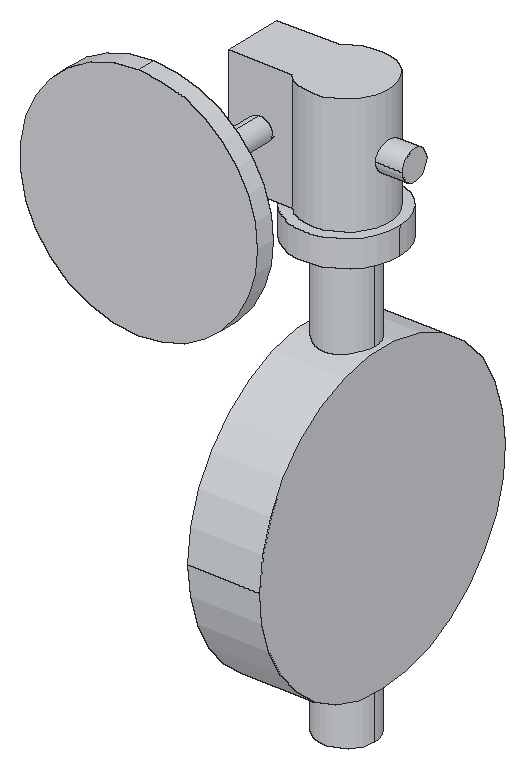
Revit family "HS497-68_disk-nerez_převodové kolo DN200-RFA_2019", category Pipe Accessories, Revit 2019
Family settings
  Round Connector Dimension = Use Diameter
  Part Type = Valve - Breaks Into
  Work Plane-Based = No
  Always vertical = Yes
  Cut with Voids When Loaded = No
  Shared = No
Parameters (values of type "HS 497-68_DN200_PN16_převodové kolo")
  magiProductId = "b2793cc1fcc44cf2a35062cd67c04f"
  magiProductFamilyId = "53cea81e6f374d17b8841d9c72ad77"
  magiPartTypeId = 305
  isMeasuringValve [instance] = no
  ang2D [instance] = 0.00°
  X11 = 61.456 mm
  X1 = 25.456 mm
  W2D = 1000 mm
  VersionID = "2.0/2017.9.26.1/ZETKAMA_497_001"
  Use Minimum Symbol Size [instance] = yes
  URL = "http://www.hydronic.cz"
  Type Comments = "mezipřírubová; nerezový disk; PN16; -10~+110°C (krátkodobě +120°C)"
  SW30 = yes
  SW3 = yes
  SW21 = no
  SW20 = no
  SW2 = no
  SW1 = no
  R = 100 mm
  QmdConnectorList = "301;D;302;D"
  Productdata [instance] = ""
  NC = 57 mm
  Manufacturer = "Hydronic Systems Prague s.r.o."
  MM20 = 25.456 mm
  MC Product Code = "126 200 (nerezový disk, s převodovým kolem; DN200; PN16, kvs2675)"
  M41 = 78.75 mm
  M4 = 52.5 mm
  LHL = 220 mm
  LHH3 = 2.45 mm
  LHH1 = 46.55 mm
  LH1 = 73.333 mm
  L4R__ve = -L4R  # -15.2 mm
  L4R = 15.2 mm
  L42__ve = -L42  # -114 mm
  L42 = 114 mm
  L41__ve = -L41  # -22.8 mm
  L41 = 22.8 mm
  L2D_Min = 3048 mm
  L2D = 216 mm
  L2 = 30 mm
  L1 = 48 mm
  L = 60 mm
  H = 33 mm
  G22 = 11.25 mm
  G2 = 22.5 mm
  G1 = 90 mm
  G = 90 mm
  F = 17 mm
  E44 = 50 mm
  E42 = 100 mm
  E4 = 200 mm
  E23 = 4.9 mm
  E22 = 19.6 mm
  E21 = 9.8 mm
  Description = "Mezipřírubová uzavírací klapka s převodovým kolem; nerezový disk, DN200; PN16; kvs2675"
  DR2 = 100 mm
  DR = 257 mm
  DD1 = 25 mm
  DD = 20 mm
  D = 200 mm
  CAT0 = yes
  B2__ve = -B2  # -70 mm
  B2 = 70 mm
  A2 = 22.5 mm
  A1 = 102.5 mm
Types (43, lengths in mm): name | magiProductId | X11 | X1 | Type Comments | SW30 | SW3 | SW20 | SW2 | SW1 | R | NC | Manufacturer | MM20 | MC Product Code | M41 | M4 | LHL | LHH3 | LHH1 | LH1 | L4R__ve | L4R | L42__ve | L42 | L41__ve | L41 | L2 | L1 | L | H | G | F | E44 | E42 | E4 | E23 | E22 | E21 | Description | DR2 | DR | DD1 | DD | D | B2__ve | B2 | A2 | A1
  HS 497-68_DN100_PN16_volné vřeteno | "65d1b245f4f142c78569c0602d5754" | 61.456 | 25.456 | "mezipřírubová; nerezový disk; PN16; -10~+110°C (krátkodobě +120°C)" | no | no | no | no | yes | 50 | 50 | "Hydronic Systems Prague s.r.o." | 25.456 | "124 100 (nerezový disk, s volným vřetenem; DN100; PN16, kvs512)" | 66 | 44 | 220 | 2.45 | 46.55 | 73.333 | -12.8 | 12.8 | -96 | 96 | -19.2 | 19.2 | 26 | 41.6 | 52 | 30 | 90 | 11 | 31.25 | 62.5 | 125 | 4.9 | 19.6 | 9.8 | "Mezipřírubová uzavírací klapka s volným vřetenem; nerezový disk, DN100; PN16; kvs512" | 50 | 147 | 15.625 | 12.5 | 100 | -56 | 56 | 16.5 | 98.5
  HS 497-68_DN100_PN16_převodové kolo | "11e91b807e674d428c8e796fcdcfe2" | 61.456 | 25.456 | "mezipřírubová; nerezový disk; PN16; -10~+110°C (krátkodobě +120°C)" | yes | yes | no | no | no | 50 | 50 | "Hydronic Systems Prague s.r.o." | 25.456 | "126 100 (nerezový disk, s převodovým kolem; DN100; PN16, kvs512)" | 65.25 | 43.5 | 220 | 2.45 | 46.55 | 73.333 | -12.8 | 12.8 | -96 | 96 | -19.2 | 19.2 | 26 | 41.6 | 52 | 30 | 90 | 11 | 31.25 | 62.5 | 125 | 4.9 | 19.6 | 9.8 | "Mezipřírubová uzavírací klapka s převodovým kolem; nerezový disk, DN100; PN16; kvs512" | 50 | 147 | 15.625 | 12.5 | 100 | -56 | 56 | 16.5 | 98.5
  HS 497-68_DN100_PN16_s pákou | "28172f0b3f4b47b28323ac71cf8749" | 61.456 | 25.456 | "mezipřírubová; nerezový disk; PN16; -10~+110°C (krátkodobě +120°C)" | no | no | yes | yes | no | 50 | 50 | "Hydronic Systems Prague s.r.o." | 25.456 | "121 100 (nerezový disk, s pákou; DN100; PN16, kvs512)" | 66 | 44 | 260 | 3 | 57 | 86.667 | -12.8 | 12.8 | -96 | 96 | -19.2 | 19.2 | 26 | 41.6 | 52 | 30 | 90 | 11 | 31.25 | 62.5 | 125 | 6 | 24 | 12 | "Mezipřírubová uzavírací klapka s pákou; nerezový disk, DN100; PN16; kvs512" | 50 | 147 | 15.625 | 12.5 | 100 | -56 | 56 | 16.5 | 98.5
  HS 497-68_DN125_PN16_volné vřeteno | "0d813d910fc14f628bb3c2efbd185c" | 61.456 | 25.456 | "mezipřírubová; nerezový disk; PN16; -10~+110°C (krátkodobě +120°C)" | no | no | no | no | yes | 62.5 | 50 | "Hydronic Systems Prague s.r.o." | 25.456 | "124 125 (nerezový disk, s volným vřetenem; DN125; PN16, kvs872)" | 66 | 44 | 220 | 2.45 | 46.55 | 73.333 | -12.8 | 12.8 | -96 | 96 | -19.2 | 19.2 | 28 | 44.8 | 56 | 33 | 90 | 14 | 31.25 | 62.5 | 125 | 4.9 | 19.6 | 9.8 | "Mezipřírubová uzavírací klapka s volným vřetenem; nerezový disk, DN125; PN16; kvs872" | 62.5 | 180 | 15.625 | 12.5 | 125 | -64 | 64 | 18 | 99.5
  HS 497-68_DN125_PN16_převodové kolo | "c56b7c13f372467684996fb1e0e229" | 61.456 | 25.456 | "mezipřírubová; nerezový disk; PN16; -10~+110°C (krátkodobě +120°C)" | yes | yes | no | no | no | 62.5 | 50 | "Hydronic Systems Prague s.r.o." | 25.456 | "126125 (nerezový disk, s převodovým kolem; DN125; PN16, kvs872)" | 65.25 | 43.5 | 220 | 2.45 | 46.55 | 73.333 | -13.5 | 13.5 | -101.25 | 101.25 | -20.25 | 20.25 | 28 | 44.8 | 56 | 33 | 90 | 14 | 40 | 80 | 160 | 4.9 | 19.6 | 9.8 | "Mezipřírubová uzavírací klapka s převodovým kolem; nerezový disk, DN125; PN16; kvs872" | 62.5 | 180 | 20 | 16 | 125 | -64 | 64 | 18 | 99.5
  HS 497-68_DN125_PN16_s pákou | "105993c79a91492399feef7931321a" | 61.456 | 25.456 | "mezipřírubová; nerezový disk; PN16; -10~+110°C (krátkodobě +120°C)" | no | no | yes | yes | no | 62.5 | 50 | "Hydronic Systems Prague s.r.o." | 25.456 | "121 125 (nerezový disk, s pákou; DN125; PN16, kvs872)" | 66 | 44 | 315 | 3.75 | 71.25 | 105 | -12.8 | 12.8 | -96 | 96 | -19.2 | 19.2 | 28 | 44.8 | 56 | 33 | 90 | 14 | 31.25 | 62.5 | 125 | 7.5 | 30 | 15 | "Mezipřírubová uzavírací klapka s pákou; nerezový disk, DN125; PN16; kvs872" | 62.5 | 180 | 15.625 | 12.5 | 125 | -64 | 64 | 18 | 99.5
  HS 497-68_DN150_PN16_volné vřeteno | "50c80cb8ab434f55ab7796e5ac1331" | 61.456 | 25.456 | "mezipřírubová; nerezový disk; PN16; -10~+110°C (krátkodobě +120°C)" | no | no | no | no | yes | 75 | 50 | "Hydronic Systems Prague s.r.o." | 25.456 | "124 150 (nerezový disk, s volným vřetenem; DN150; PN16, kvs1347)" | 66 | 44 | 220 | 2.45 | 46.55 | 73.333 | -12.8 | 12.8 | -96 | 96 | -19.2 | 19.2 | 28 | 44.8 | 56 | 33 | 90 | 14 | 31.25 | 62.5 | 125 | 4.9 | 19.6 | 9.8 | "Mezipřírubová uzavírací klapka s volným vřetenem; nerezový disk, DN150; PN16; kvs1347" | 75 | 206 | 15.625 | 12.5 | 150 | -58 | 58 | 19.3 | 98.7
  HS 497-68_DN150_PN16_převodové kolo | "d94a1a0cf83b476eb10011b327f709" | 61.456 | 25.456 | "mezipřírubová; nerezový disk; PN16; -10~+110°C (krátkodobě +120°C)" | yes | yes | no | no | no | 75 | 50 | "Hydronic Systems Prague s.r.o." | 25.456 | "126 150 (nerezový disk, s převodovým kolem; DN150; PN16, kvs1347)" | 65.25 | 43.5 | 220 | 2.45 | 46.55 | 73.333 | -13.5 | 13.5 | -101.25 | 101.25 | -20.25 | 20.25 | 28 | 44.8 | 56 | 33 | 90 | 14 | 40 | 80 | 160 | 4.9 | 19.6 | 9.8 | "Mezipřírubová uzavírací klapka s převodovým kolem; nerezový disk, DN150; PN16; kvs1347" | 75 | 206 | 20 | 16 | 150 | -58 | 58 | 19.3 | 98.7
  HS 497-68_DN150_PN16_s pákou | "4d2835523fe84828bc50ff0a5a0dfb" | 61.456 | 25.456 | "mezipřírubová; nerezový disk; PN16; -10~+110°C (krátkodobě +120°C)" | no | no | yes | yes | no | 75 | 50 | "Hydronic Systems Prague s.r.o." | 25.456 | "121 150 (nerezový disk, s pákou; DN150; PN16, kvs1347)" | 66 | 44 | 315 | 3.75 | 71.25 | 105 | -12.8 | 12.8 | -96 | 96 | -19.2 | 19.2 | 28 | 44.8 | 56 | 33 | 90 | 14 | 31.25 | 62.5 | 125 | 7.5 | 30 | 15 | "Mezipřírubová uzavírací klapka s pákou; nerezový disk, DN150; PN16; kvs1347" | 75 | 206 | 15.625 | 12.5 | 150 | -58 | 58 | 19.3 | 98.7
  HS 497-68_DN200_PN16_volné vřeteno | "5b29029eaeba47139ee1055a4b9201" | 61.456 | 25.456 | "mezipřírubová; nerezový disk; PN16; -10~+110°C (krátkodobě +120°C)" | no | no | no | no | yes | 100 | 50 | "Hydronic Systems Prague s.r.o." | 25.456 | "124 200 (nerezový disk, s volným vřetenem; DN200; PN16, kvs2675)" | 66 | 44 | 220 | 2.45 | 46.55 | 73.333 | -12.8 | 12.8 | -96 | 96 | -19.2 | 19.2 | 30 | 48 | 60 | 33 | 90 | 17 | 31.25 | 62.5 | 125 | 4.9 | 19.6 | 9.8 | "Mezipřírubová uzavírací klapka s volným vřetenem; nerezový disk, DN200; PN16; kvs2675" | 100 | 257 | 15.625 | 12.5 | 200 | -70 | 70 | 22.5 | 102.5
  HS 497-68_DN200_PN16_převodové kolo | "b2793cc1fcc44cf2a35062cd67c04f" | 61.456 | 25.456 | "mezipřírubová; nerezový disk; PN16; -10~+110°C (krátkodobě +120°C)" | yes | yes | no | no | no | 100 | 57 | "Hydronic Systems Prague s.r.o." | 25.456 | "126 200 (nerezový disk, s převodovým kolem; DN200; PN16, kvs2675)" | 78.75 | 52.5 | 220 | 2.45 | 46.55 | 73.333 | -15.2 | 15.2 | -114 | 114 | -22.8 | 22.8 | 30 | 48 | 60 | 33 | 90 | 17 | 50 | 100 | 200 | 4.9 | 19.6 | 9.8 | "Mezipřírubová uzavírací klapka s převodovým kolem; nerezový disk, DN200; PN16; kvs2675" | 100 | 257 | 25 | 20 | 200 | -70 | 70 | 22.5 | 102.5
  HS 497-68_DN200_PN16_s pákou | "f88d96c7af224537a51e72d7d8fffe" | 61.456 | 25.456 | "mezipřírubová; nerezový disk; PN16; -10~+110°C (krátkodobě +120°C)" | no | no | yes | yes | no | 100 | 50 | "Hydronic Systems Prague s.r.o." | 25.456 | "121 200 (nerezový disk, s pákou; DN200; PN16, kvs2675)" | 66 | 44 | 315 | 3.75 | 71.25 | 105 | -12.8 | 12.8 | -96 | 96 | -19.2 | 19.2 | 30 | 48 | 60 | 33 | 90 | 17 | 31.25 | 62.5 | 125 | 7.5 | 30 | 15 | "Mezipřírubová uzavírací klapka s pákou; nerezový disk, DN200; PN16; kvs2675" | 100 | 257 | 15.625 | 12.5 | 200 | -70 | 70 | 22.5 | 102.5
  HS 497-68_DN250_PN16_volné vřeteno | "b662e8305ca2402b9c510e66e6aa55" | 88.77 | 36.77 | "mezipřírubová; nerezový disk; PN16; -10~+110°C (krátkodobě +120°C)" | no | no | no | no | yes | 125 | 50 | "Hydronic Systems Prague s.r.o." | 36.77 | "124 250 (nerezový disk, s volným vřetenem; DN250; PN16, kvs4555)" | 66 | 44 | 220 | 2.45 | 46.55 | 73.333 | -12.8 | 12.8 | -96 | 96 | -19.2 | 19.2 | 34 | 54.4 | 68 | 23 | 130 | 22 | 31.25 | 62.5 | 125 | 4.9 | 19.6 | 9.8 | "Mezipřírubová uzavírací klapka s volným vřetenem; nerezový disk, DN250; PN16; kvs4555" | 125 | 324 | 15.625 | 12.5 | 250 | -85 | 85 | 28.25 | 129.25
  HS 497-68_DN250_PN16_převodové kolo | "5ee9016806664ddfaa2632711f295c" | 88.77 | 36.77 | "mezipřírubová; nerezový disk; PN16; -10~+110°C (krátkodobě +120°C)" | yes | yes | no | no | no | 125 | 70 | "Hydronic Systems Prague s.r.o." | 36.77 | "126 250 (nerezový disk, s převodovým kolem; DN250; PN16, kvs4555)" | 91.5 | 61 | 220 | 2.45 | 46.55 | 73.333 | -22.2 | 22.2 | -166.5 | 166.5 | -33.3 | 33.3 | 34 | 54.4 | 68 | 23 | 130 | 22 | 62.5 | 125 | 250 | 4.9 | 19.6 | 9.8 | "Mezipřírubová uzavírací klapka s převodovým kolem; nerezový disk, DN250; PN16; kvs4555" | 125 | 324 | 31.25 | 25 | 250 | -85 | 85 | 28.25 | 129.25
  HS 497-68_DN300_PN16_volné vřeteno | "e1886f51ff004380a649519258edf2" | 88.77 | 36.77 | "mezipřírubová; nerezový disk; PN16; -10~+110°C (krátkodobě +120°C)" | no | no | no | no | yes | 150 | 50 | "Hydronic Systems Prague s.r.o." | 36.77 | "124 300 (nerezový disk, s volným vřetenem; DN300; PN16, kvs7037)" | 66 | 44 | 220 | 2.45 | 46.55 | 73.333 | -12.8 | 12.8 | -96 | 96 | -19.2 | 19.2 | 39 | 62.4 | 78 | 23 | 130 | 22 | 31.25 | 62.5 | 125 | 4.9 | 19.6 | 9.8 | "Mezipřírubová uzavírací klapka s volným vřetenem; nerezový disk, DN300; PN16; kvs7037" | 150 | 376 | 15.625 | 12.5 | 300 | -90 | 90 | 30.8 | 127.2
  HS 497-68_DN300_PN16_převodové kolo | "6860f094f77d42088fbebc3c97f755" | 88.77 | 36.77 | "mezipřírubová; nerezový disk; PN16; -10~+110°C (krátkodobě +120°C)" | yes | yes | no | no | no | 150 | 70 | "Hydronic Systems Prague s.r.o." | 36.77 | "126 300 (nerezový disk, s převodovým kolem; DN300; PN16, kvs7037)" | 91.5 | 61 | 220 | 2.45 | 46.55 | 73.333 | -22.2 | 22.2 | -166.5 | 166.5 | -33.3 | 33.3 | 39 | 62.4 | 78 | 23 | 130 | 22 | 62.5 | 125 | 250 | 4.9 | 19.6 | 9.8 | "Mezipřírubová uzavírací klapka s převodovým kolem; nerezový disk, DN300; PN16; kvs7037" | 150 | 376 | 31.25 | 25 | 300 | -90 | 90 | 30.8 | 127.2
  HS 497-68_DN032_PN16_volné vřeteno | "8c5f65de52aa4067a77564107e31b2" | 61.456 | 25.456 | "mezipřírubová; nerezový disk; PN16; -10~+110°C (krátkodobě +120°C)" | no | no | no | no | yes | 16 | 50 | "Hydronic Systems Prague s.r.o." | 25.456 | "124 032 (nerezový disk, s volným vřetenem; DN32; PN16, kvs78)" | 66 | 44 | 220 | 2.45 | 46.55 | 73.333 | -12.8 | 12.8 | -96 | 96 | -19.2 | 19.2 | 16.5 | 26.4 | 33 | 30 | 90 | 11 | 31.25 | 62.5 | 125 | 4.9 | 19.6 | 9.8 | "Mezipřírubová uzavírací klapka s volným vřetenem; nerezový disk, DN32; PN16; kvs78" | 16 | 68 | 15.625 | 12.5 | 32 | -44.2 | 44.2 | 10.25 | 76.25
  HS 497-68_DN032_PN16_převodové kolo | "60aaeffa8b3a4e809ef000e4660060" | 61.456 | 25.456 | "mezipřírubová; nerezový disk; PN16; -10~+110°C (krátkodobě +120°C)" | yes | yes | no | no | no | 16 | 50 | "Hydronic Systems Prague s.r.o." | 25.456 | "126 032 (nerezový disk, s převodovým kolem; DN32; PN16, kvs78)" | 65.25 | 43.5 | 220 | 2.45 | 46.55 | 73.333 | -12.8 | 12.8 | -96 | 96 | -19.2 | 19.2 | 16.5 | 26.4 | 33 | 30 | 90 | 11 | 31.25 | 62.5 | 125 | 4.9 | 19.6 | 9.8 | "Mezipřírubová uzavírací klapka s převodovým kolem; nerezový disk, DN32; PN16; kvs78" | 16 | 68 | 15.625 | 12.5 | 32 | -44.2 | 44.2 | 10.25 | 76.25
  HS 497-68_DN032_PN16_s pákou | "9ad8088d610749a1b871aa2aad8007" | 61.456 | 25.456 | "mezipřírubová; nerezový disk; PN16; -10~+110°C (krátkodobě +120°C)" | no | no | yes | yes | no | 16 | 50 | "Hydronic Systems Prague s.r.o." | 25.456 | "121 032 (nerezový disk, s pákou; DN32; PN16, kvs78)" | 66 | 44 | 220 | 2.45 | 46.55 | 73.333 | -12.8 | 12.8 | -96 | 96 | -19.2 | 19.2 | 16.5 | 26.4 | 33 | 30 | 90 | 11 | 31.25 | 62.5 | 125 | 4.9 | 19.6 | 9.8 | "Mezipřírubová uzavírací klapka s pákou; nerezový disk, DN32; PN16; kvs78" | 16 | 68 | 15.625 | 12.5 | 32 | -44.2 | 44.2 | 10.25 | 76.25
  HS 497-68_DN350_PN10_volné vřeteno | "72a1e05f22944421b7e9596a877137" | 109.255 | 45.255 | "mezipřírubová; nerezový disk; PN10; -10~+110°C (krátkodobě +120°C)" | no | no | no | no | yes | 175 | 50 | "Hydronic Systems Prague s.r.o." | 45.255 | "124 350 (nerezový disk, s volným vřetenem; DN350; PN10, kvs10165)" | 66 | 44 | 220 | 2.45 | 46.55 | 73.333 | -12.8 | 12.8 | -96 | 96 | -19.2 | 19.2 | 39 | 62.4 | 78 | 31 | 160 | 22 | 31.25 | 62.5 | 125 | 4.9 | 19.6 | 9.8 | "Mezipřírubová uzavírací klapka s volným vřetenem; nerezový disk, DN350; PN10; kvs10165" | 175 | 430 | 15.625 | 12.5 | 350 | -88 | 88 | 33.85 | 129.65
  HS 497-68_DN350_PN10_převodové kolo | "a5a01426cb28494ba3afca92f1dace" | 109.255 | 45.255 | "mezipřírubová; nerezový disk; PN10; -10~+110°C (krátkodobě +120°C)" | yes | yes | no | no | no | 175 | 70 | "Hydronic Systems Prague s.r.o." | 45.255 | "126 350 (nerezový disk, s převodovým kolem; DN350; PN10, kvs10165)" | 91.5 | 61 | 220 | 2.45 | 46.55 | 73.333 | -22.2 | 22.2 | -166.5 | 166.5 | -33.3 | 33.3 | 39 | 62.4 | 78 | 31 | 160 | 22 | 62.5 | 125 | 250 | 4.9 | 19.6 | 9.8 | "Mezipřírubová uzavírací klapka s převodovým kolem; nerezový disk, DN350; PN10; kvs10165" | 175 | 430 | 31.25 | 25 | 350 | -88 | 88 | 33.85 | 129.65
  HS 497-68_DN400_PN10_volné vřeteno | "c70ebeb927c04ab99b176e257ad0a7" | 109.255 | 45.255 | "mezipřírubová; nerezový disk; PN10; -10~+110°C (krátkodobě +120°C)" | no | no | no | no | yes | 200 | 50 | "Hydronic Systems Prague s.r.o." | 45.255 | "124 400 (nerezový disk, s volným vřetenem; DN400; PN10, kvs13799)" | 66 | 44 | 220 | 2.45 | 46.55 | 73.333 | -12.8 | 12.8 | -96 | 96 | -19.2 | 19.2 | 51 | 81.6 | 102 | 31 | 160 | 27 | 31.25 | 62.5 | 125 | 4.9 | 19.6 | 9.8 | "Mezipřírubová uzavírací klapka s volným vřetenem; nerezový disk, DN400; PN10; kvs13799" | 200 | 485 | 15.625 | 12.5 | 400 | -108 | 108 | 38 | 142
  HS 497-68_DN400_PN10_převodové kolo | "cc64a4384dcb41b780d81810f4f293" | 109.255 | 45.255 | "mezipřírubová; nerezový disk; PN10; -10~+110°C (krátkodobě +120°C)" | yes | yes | no | no | no | 200 | 72.5 | "Hydronic Systems Prague s.r.o." | 45.255 | "126 400 (nerezový disk, s převodovým kolem; DN400; PN10, kvs13799)" | 103.5 | 69 | 220 | 2.45 | 46.55 | 73.333 | -27.8 | 27.8 | -208.5 | 208.5 | -41.7 | 41.7 | 51 | 81.6 | 102 | 31 | 160 | 27 | 75 | 150 | 300 | 4.9 | 19.6 | 9.8 | "Mezipřírubová uzavírací klapka s převodovým kolem; nerezový disk, DN400; PN10; kvs13799" | 200 | 485 | 37.5 | 30 | 400 | -108 | 108 | 38 | 142
  HS 497-68_DN040_PN16_volné vřeteno | "35f92312390745e88df5b5c325d9ee" | 61.456 | 25.456 | "mezipřírubová; nerezový disk; PN16; -10~+110°C (krátkodobě +120°C)" | no | no | no | no | yes | 20 | 50 | "Hydronic Systems Prague s.r.o." | 25.456 | "124 040 (nerezový disk, s volným vřetenem; DN40; PN16, kvs78)" | 66 | 44 | 220 | 2.45 | 46.55 | 73.333 | -12.8 | 12.8 | -96 | 96 | -19.2 | 19.2 | 16.5 | 26.4 | 33 | 30 | 90 | 11 | 31.25 | 62.5 | 125 | 4.9 | 19.6 | 9.8 | "Mezipřírubová uzavírací klapka s volným vřetenem; nerezový disk, DN40; PN16; kvs78" | 20 | 76 | 15.625 | 12.5 | 40 | -36 | 36 | 11 | 79
  HS 497-68_DN040_PN16_převodové kolo | "d88e968eae3445bc9b7b4e6ff35127" | 61.456 | 25.456 | "mezipřírubová; nerezový disk; PN16; -10~+110°C (krátkodobě +120°C)" | yes | yes | no | no | no | 20 | 50 | "Hydronic Systems Prague s.r.o." | 25.456 | "126 040 (nerezový disk, s převodovým kolem; DN40; PN16, kvs78)" | 65.25 | 43.5 | 220 | 2.45 | 46.55 | 73.333 | -12.8 | 12.8 | -96 | 96 | -19.2 | 19.2 | 16.5 | 26.4 | 33 | 30 | 90 | 11 | 31.25 | 62.5 | 125 | 4.9 | 19.6 | 9.8 | "Mezipřírubová uzavírací klapka s převodovým kolem; nerezový disk, DN40; PN16; kvs78" | 20 | 76 | 15.625 | 12.5 | 40 | -36 | 36 | 11 | 79
  HS 497-68_DN040_PN16_s pákou | "c1b522ca65b4407a98818f232eaacb" | 61.456 | 25.456 | "mezipřírubová; nerezový disk; PN16; -10~+110°C (krátkodobě +120°C)" | no | no | yes | yes | no | 20 | 50 | "Hydronic Systems Prague s.r.o." | 25.456 | "121 040 (nerezový disk, s pákou; DN40; PN16, kvs78)" | 66 | 44 | 220 | 2.45 | 46.55 | 73.333 | -12.8 | 12.8 | -96 | 96 | -19.2 | 19.2 | 16.5 | 26.4 | 33 | 30 | 90 | 11 | 31.25 | 62.5 | 125 | 4.9 | 19.6 | 9.8 | "Mezipřírubová uzavírací klapka s pákou; nerezový disk, DN40; PN16; kvs78" | 20 | 76 | 15.625 | 12.5 | 40 | -36 | 36 | 11 | 79
  HS 497-68_DN450_PN10_volné vřeteno | "a8358bc282f14872b3194e530e590a" | 129.74 | 53.74 | "mezipřírubová; nerezový disk; PN10; -10~+110°C (krátkodobě +120°C)" | no | no | no | no | yes | 225 | 50 | "Hydronic Systems Prague s.r.o." | 53.74 | "124 450 (nerezový disk, s volným vřetenem; DN450; PN10, kvs18514)" | 66 | 44 | 220 | 2.45 | 46.55 | 73.333 | -12.8 | 12.8 | -96 | 96 | -19.2 | 19.2 | 57 | 91.2 | 114 | 38 | 190 | 36 | 31.25 | 62.5 | 125 | 4.9 | 19.6 | 9.8 | "Mezipřírubová uzavírací klapka s volným vřetenem; nerezový, DN450; PN10; kvs18514" | 225 | 536 | 15.625 | 12.5 | 450 | -115 | 115 | 38.05 | 117.45
  HS 497-68_DN450_PN10_převodové kolo | "cdf2d80f54a9414f9cbe50647c0ebd" | 129.74 | 53.74 | "mezipřírubová; nerezový disk; PN10; -10~+110°C (krátkodobě +120°C)" | yes | yes | no | no | no | 225 | 91.5 | "Zetkama" | 53.74 | "126 450 (nerezový disk, s převodovým kolem; DN450; PN10, kvs18514)" | 144.75 | 96.5 | 220 | 2.45 | 46.55 | 73.333 | -32.1 | 32.1 | -240.75 | 240.75 | -48.15 | 48.15 | 57 | 91.2 | 114 | 38 | 190 | 36 | 100 | 200 | 400 | 4.9 | 19.6 | 9.8 | "Mezipřírubová uzavírací klapka s převodovým kolem; nerezový disk, DN450; PN10; kvs18514" | 225 | 536 | 50 | 40 | 450 | -115 | 115 | 38.05 | 117.45
  HS 497-68_DN500_PN10_volné vřeteno | "8c396e27bb2743f98f3c762b6517cd" | 143.397 | 59.397 | "mezipřírubová; nerezový disk; PN10; -10~+110°C (krátkodobě +120°C)" | no | no | no | no | yes | 250 | 50 | "Hydronic Systems Prague s.r.o." | 59.397 | "124 500 (nerezový disk, s volným vřetenem; DN500; PN10, kvs23805)" | 66 | 44 | 220 | 2.45 | 46.55 | 73.333 | -12.8 | 12.8 | -96 | 96 | -19.2 | 19.2 | 63.5 | 101.6 | 127 | 38 | 210 | 36 | 31.25 | 62.5 | 125 | 4.9 | 19.6 | 9.8 | "Mezipřírubová uzavírací klapka s volným vřetenem; nerezový disk, DN500; PN10; kvs23805" | 250 | 593 | 15.625 | 12.5 | 500 | -130 | 130 | 43.25 | 139.25
  HS 497-68_DN500_PN10_převodové kolo | "7647804f32e94cef828a7034a91a46" | 143.397 | 59.397 | "mezipřírubová; nerezový disk; PN10; -10~+110°C (krátkodobě +120°C)" | yes | yes | no | no | no | 250 | 91.5 | "Zetkama" | 59.397 | "126 500 (nerezový disk, s převodovým kolem; DN500; PN10, kvs23805)" | 144.75 | 96.5 | 220 | 2.45 | 46.55 | 73.333 | -32.1 | 32.1 | -240.75 | 240.75 | -48.15 | 48.15 | 63.5 | 101.6 | 127 | 38 | 210 | 36 | 100 | 200 | 400 | 4.9 | 19.6 | 9.8 | "Mezipřírubová uzavírací klapka s převodovým kolem; nerezový disk, DN500; PN10; kvs23805" | 250 | 593 | 50 | 40 | 500 | -130 | 130 | 43.25 | 139.25
  HS 497-68_DN050_volné vřeteno | "d71f296ecd6d4adf8f6e5d9853b4e0" | 61.456 | 25.456 | "mezipřírubová; nerezový disk; PN16; -10~+110°C (krátkodobě +120°C)" | no | no | no | no | yes | 25 | 50 | "Hydronic Systems Prague s.r.o." | 25.456 | "124 050 (nerezový disk, s volným vřetenem; DN50; PN16, kvs98)" | 66 | 44 | 220 | 2.45 | 46.55 | 73.333 | -12.8 | 12.8 | -96 | 96 | -19.2 | 19.2 | 21.5 | 34.4 | 43 | 30 | 90 | 11 | 31.25 | 62.5 | 125 | 4.9 | 19.6 | 9.8 | "Mezipřírubová uzavírací klapka s volným vřetenem; nerezový disk, DN50; PN16; kvs98" | 25 | 100 | 15.625 | 12.5 | 50 | -36.5 | 36.5 | 12 | 83
  HS 497-68_DN050_PN16_převodové kolo | "2fb080deeaed49c58418b94c1da5a4" | 61.456 | 25.456 | "mezipřírubová; nerezový disk; PN16; -10~+110°C (krátkodobě +120°C)" | yes | yes | no | no | no | 25 | 50 | "Hydronic Systems Prague s.r.o." | 25.456 | "126 050 (nerezový disk, s převodovým kolem; DN50; PN16, kvs98)" | 65.25 | 43.5 | 220 | 2.45 | 46.55 | 73.333 | -12.8 | 12.8 | -96 | 96 | -19.2 | 19.2 | 21.5 | 34.4 | 43 | 30 | 90 | 11 | 31.25 | 62.5 | 125 | 4.9 | 19.6 | 9.8 | "Mezipřírubová uzavírací klapka s převodovým kolem; nerezový disk, DN50; PN16; kvs98" | 25 | 100 | 15.625 | 12.5 | 50 | -36.5 | 36.5 | 12 | 83
  HS 497-68_DN050_PN16_s pákou | "dabc632061f94877a994b9b4e68112" | 61.456 | 25.456 | "mezipřírubová; nerezový disk; PN16; -10~+110°C (krátkodobě +120°C)" | no | no | yes | yes | no | 25 | 50 | "Hydronic Systems Prague s.r.o." | 25.456 | "121 050 (nerezový disk, s pákou; DN50; PN16, kvs98)" | 66 | 44 | 220 | 2.45 | 46.55 | 73.333 | -12.8 | 12.8 | -96 | 96 | -19.2 | 19.2 | 21.5 | 34.4 | 43 | 30 | 90 | 11 | 31.25 | 62.5 | 125 | 4.9 | 19.6 | 9.8 | "Mezipřírubová uzavírací klapka s pákou; nerezový disk, DN50; PN16; kvs98" | 25 | 100 | 15.625 | 12.5 | 50 | -36.5 | 36.5 | 12 | 83
  HS 497-68_DN600_PN10_volné vřeteno | "99d5892c14664fce81a7c5903f7711" | 143.397 | 59.397 | "mezipřírubová; nerezový disk; PN10; -10~+110°C (krátkodobě +120°C)" | no | no | no | no | yes | 300 | 50 | "Hydronic Systems Prague s.r.o." | 59.397 | "124 600 (nerezový disk, s volným vřetenem; DN600; PN10, kvs36778)" | 66 | 44 | 220 | 2.45 | 46.55 | 73.333 | -12.8 | 12.8 | -96 | 96 | -19.2 | 19.2 | 77 | 123.2 | 154 | 80 | 210 | 60 | 31.25 | 62.5 | 125 | 4.9 | 19.6 | 9.8 | "Mezipřírubová uzavírací klapka s volným vřetenem; nerezový disk, DN600; PN10; kvs36788" | 300 | 690 | 15.625 | 12.5 | 600 | -140 | 140 | 49.4 | 144.6
  HS 497-68_DN600_PN10_převodové kolo | "b1e26faab48a4c499f6bb11e7e3002" | 143.397 | 59.397 | "mezipřírubová; lnerezový disk; PN10; -10~+110°C (krátkodobě +120°C)" | yes | yes | no | no | no | 300 | 140 | "Hydronic Systems Prague s.r.o." | 59.397 | "126 600 (nerezový disk, s převodovým kolem; DN600; PN10, kvs36778)" | 206.25 | 137.5 | 220 | 2.45 | 46.55 | 73.333 | -40.8 | 40.8 | -306 | 306 | -61.2 | 61.2 | 77 | 123.2 | 154 | 80 | 210 | 60 | 125 | 250 | 500 | 4.9 | 19.6 | 9.8 | "Mezipřírubová uzavírací klapka s převodovým kolem; nerezový disk, DN600; PN10; kvs36788" | 300 | 690 | 62.5 | 50 | 600 | -140 | 140 | 49.4 | 144.6
  HS 497-68_DN065_PN16_volné vřeteno | "5e5e208646e34ec29f889baab5d08e" | 61.456 | 25.456 | "mezipřírubová; lnerezový disk; PN16; -10~+110°C (krátkodobě +120°C)" | no | no | no | no | yes | 32.5 | 50 | "Hydronic Systems Prague s.r.o." | 25.456 | "124 065 (nerezový disk, s volným vřetenem; DN65; PN16, kvs167)" | 66 | 44 | 220 | 2.45 | 46.55 | 73.333 | -12.8 | 12.8 | -96 | 96 | -19.2 | 19.2 | 23 | 36.8 | 46 | 30 | 90 | 11 | 31.25 | 62.5 | 125 | 4.9 | 19.6 | 9.8 | "Mezipřírubová uzavírací klapka s volným vřetenem; nerezový disk, DN65; PN16; kv167" | 32.5 | 108 | 15.625 | 12.5 | 65 | -36.5 | 36.5 | 13.5 | 89
  HS 497-68_DN065_PN16_převodové kolo | "654d74c8d15540b0bfe523d988ccb3" | 61.456 | 25.456 | "mezipřírubová; nerezový disk; PN16; -10~+110°C (krátkodobě +120°C)" | yes | yes | no | no | no | 32.5 | 50 | "Hydronic Systems Prague s.r.o." | 25.456 | "126 065 (nerezový disk, s převodovým kolem; DN65; PN16, kvs167)" | 65.25 | 43.5 | 220 | 2.45 | 46.55 | 73.333 | -12.8 | 12.8 | -96 | 96 | -19.2 | 19.2 | 23 | 36.8 | 46 | 30 | 90 | 11 | 31.25 | 62.5 | 125 | 4.9 | 19.6 | 9.8 | "Mezipřírubová uzavírací klapka s převodovým kolem; nerezový disk, DN65; PN16; kvs167" | 32.5 | 108 | 15.625 | 12.5 | 65 | -36.5 | 36.5 | 13.5 | 89
  HS 497-68_DN065_PN16_s pákou | "ebeb4b59db0641caaf6d6635ab37b9" | 61.456 | 25.456 | "mezipřírubová; nerezový disk; PN16; -10~+110°C (krátkodobě +120°C)" | no | no | yes | yes | no | 32.5 | 50 | "Hydronic Systems Prague s.r.o." | 25.456 | "121 065 (nerezový disk, s pákou; DN65; PN16, kvs167)" | 66 | 44 | 220 | 2.45 | 46.55 | 73.333 | -12.8 | 12.8 | -96 | 96 | -19.2 | 19.2 | 23 | 36.8 | 46 | 30 | 90 | 11 | 31.25 | 62.5 | 125 | 4.9 | 19.6 | 9.8 | "Mezipřírubová uzavírací klapka s pákou; nerezový disk, DN65; PN16; kvs167" | 32.5 | 108 | 15.625 | 12.5 | 65 | -36.5 | 36.5 | 13.5 | 89
  HS 497-68_DN080_PN16_volné vřeteno | "9e85c75c18654e1185a9c48ed6b00e" | 61.456 | 25.456 | "mezipřírubová; nerezový disk; PN16; -10~+110°C (krátkodobě +120°C)" | no | no | no | no | yes | 40 | 50 | "Hydronic Systems Prague s.r.o." | 25.456 | "124 080 (nerezový disk, s volným vřetenem; DN80; PN16, kvs258)" | 66 | 44 | 220 | 2.45 | 46.55 | 73.333 | -12.8 | 12.8 | -96 | 96 | -19.2 | 19.2 | 23 | 36.8 | 46 | 30 | 90 | 11 | 31.25 | 62.5 | 125 | 4.9 | 19.6 | 9.8 | "Mezipřírubová uzavírací klapka s volným vřetenem; nerezový disk, DN80; PN16; kvs258" | 40 | 124 | 15.625 | 12.5 | 80 | -54 | 54 | 14.1 | 86.9
  HS 497-68_DN080_PN16_převodové kolo | "5b3c8238c3d041e68c75b199e7ea46" | 61.456 | 25.456 | "mezipřírubová; nerezový disk; PN16; -10~+110°C (krátkodobě +120°C)" | yes | yes | no | no | no | 40 | 50 | "Hydronic Systems Prague s.r.o." | 25.456 | "126 080 (nerezový disk, s převodovým kolem; DN80; PN16, kvs258)" | 65.25 | 43.5 | 220 | 2.45 | 46.55 | 73.333 | -12.8 | 12.8 | -96 | 96 | -19.2 | 19.2 | 23 | 36.8 | 46 | 30 | 90 | 11 | 31.25 | 62.5 | 125 | 4.9 | 19.6 | 9.8 | "Mezipřírubová uzavírací klapka s převodovým kolem; nerezový disk, DN80; PN16; kvs258" | 40 | 124 | 15.625 | 12.5 | 80 | -54 | 54 | 14.1 | 86.9
  HS 497-68_DN080_PN16_s pákou | "e414795fab0f4eccb99bc3572c5477" | 61.456 | 25.456 | "mezipřírubová; nerezový disk; PN16; -10~+110°C (krátkodobě +120°C)" | no | no | yes | yes | no | 40 | 50 | "Hydronic Systems Prague s.r.o." | 25.456 | "121 080 (nerezový disk, s pákou; DN80; PN16, kvs258)" | 66 | 44 | 260 | 3 | 57 | 86.667 | -12.8 | 12.8 | -96 | 96 | -19.2 | 19.2 | 23 | 36.8 | 46 | 30 | 90 | 11 | 31.25 | 62.5 | 125 | 6 | 24 | 12 | "Mezipřírubová uzavírací klapka s pákou; nerezový disk, DN80; PN16; kvs258" | 40 | 124 | 15.625 | 12.5 | 80 | -54 | 54 | 14.1 | 86.9
  HS 497-68_DN250_PN16_s pákou | "" | 88.77 | 36.77 | "mezipřírubová; nerezový disk; PN16; -10~+110°C (krátkodobě +120°C)" | no | no | yes | yes | no | 125 | 70 | "Hydronic Systems Prague s.r.o." | 36.77 | "121 250 (nerezový disk, s ákou; DN250; PN16, kvs4555)" | 91.5 | 61 | 220 | 2.45 | 46.55 | 73.333 | -22.2 | 22.2 | -166.5 | 166.5 | -33.3 | 33.3 | 34 | 54.4 | 68 | 23 | 130 | 22 | 62.5 | 125 | 250 | 4.9 | 19.6 | 9.8 | "Mezipřírubová uzavírací klapka s pákou; nerezový disk, DN250; PN16; kvs4555" | 125 | 324 | 31.25 | 25 | 250 | -85 | 85 | 28.25 | 129.25
  HS 497-68_DN300_PN16_s pákou | "" | 88.77 | 36.77 | "mezipřírubová; nerezový disk; PN16; -10~+110°C (krátkodobě +120°C)" | no | no | yes | yes | no | 150 | 70 | "Hydronic Systems Prague s.r.o." | 36.77 | "121 300 (nerezový disk, s pákou; DN300; PN16, kvs7037)" | 91.5 | 61 | 220 | 2.45 | 46.55 | 73.333 | -22.2 | 22.2 | -166.5 | 166.5 | -33.3 | 33.3 | 39 | 62.4 | 78 | 23 | 130 | 22 | 62.5 | 125 | 250 | 4.9 | 19.6 | 9.8 | "Mezipřírubová uzavírací klapka s pákou; nerezový disk, DN300; PN16; kvs7037" | 150 | 376 | 31.25 | 25 | 300 | -90 | 90 | 30.8 | 127.2
Reference planes
  plane 1 "Center (Front/Back)": y = 0
  plane 2 "XYPLANE": z = 0
  plane 3 "Center (Left/Right)": x = 0
  plane 4 "473": x = -25.456
  plane 5 "472": x = -78.75
  plane 6 "471": y = -25.456
  plane 7 "470": y = 25.456
  plane 8 "469": x = -52.5
  plane 9 "468": y = -136.8
  plane 10 "467": y = -114
  plane 11 "466": z = 275
  plane 12 "465": z = 271.55
  plane 13 "464": y = 145.417
  plane 14 "463": z = 261.75
  plane 15 "462": z = 244.6
  plane 16 "461": z = 254.4
  plane 17 "460": y = 72.083
  plane 18 "459": x = -11.25
  plane 19 "458": x = 11.25
  plane 20 "457": y = -6.25
  plane 21 "456": x = -17.5
  plane 22 "455": x = 17.5
  plane 23 "454": z = 259.3
  plane 24 "453": y = 62.083
  plane 25 "452": y = -11.25
  plane 26 "451": x = -22.5
  plane 27 "450": x = 22.5
  plane 28 "449": z = 239.7
  plane 29 "448": z = 234.8
  plane 30 "447": z = -100
  plane 31 "446": z = 225
  plane 32 "445": z = 202.5
  plane 33 "444": z = 100
  plane 34 "443": x = 30
  plane 35 "442": x = -30
  plane 36 "441": z = 0
  plane 37 "440": y = 0
  plane 38 "439": x = 0
  plane 39 "438": z = 274
  plane 40 "437": z = 259.3
  plane 41 "436": x = 13.7
  plane 42 "435": x = -13.7
  plane 43 "434": y = 220
Forms (mm)
  Extrusion 1, solid, visible <- "SW3"
    sketch origin (-750, 0, 225) x (1, 0, 0) y (0, 1, 0)
      loop
        line (671.25, 25.456) -> (671.25, -25.456) -> (724.544, -25.456)
        arc (724.544, -25.456) -> (786, 0) -> (724.544, 25.456) r 36
        line (724.544, 25.456) -> (671.25, 25.456)
    from 0 to 100 <- "E42"
  Extrusion 2, solid, visible <- "SW30"
    sketch origin (0, -750, 0) x (0, 1, 0) y (0, 0, 1)
      loop
        circle (750, 275) r 12.5
    from 0 to 57 <- "NC"
  Extrusion 3, solid, visible <- "SW30"
    sketch origin (750, -136.8, 0) x (-1, 0, 0) y (0, 0, 1)
      loop
        circle (802.5, 275) r 100
    from 0 to -15.2 <- "L4R__ve"
  Extrusion 4, solid, visible <- "SW3"
    sketch origin (750, -114, 0) x (-1, 0, 0) y (0, 0, 1)
      loop
        circle (802.5, 275) r 12.5
    from 0 to -22.8 <- "L41__ve"
  Extrusion 5, solid, visible <- "SW30"
    sketch origin (750, 0, 0) x (-1, 0, 0) y (0, 0, 1)
      loop
        circle (802.5, 275) r 10
    from 0 to -114 <- "L42__ve"
  Blend 6, solid, visible <- "SW21"
    base sketch origin (750, 72.083, 0) x (-1, 0, 0) y (0, 0, 1)
      loop
        line (761.25, 254.4) -> (738.75, 254.4) -> (738.75, 244.6) -> (761.25, 244.6) -> (761.25, 254.4)
    top sketch origin (750, 72.083, 0) x (-1, 0, 0) y (0, 0, 1)
      loop
        line (761.25, 271.55) -> (738.75, 271.55) -> (738.75, 261.75) -> (761.25, 261.75) -> (761.25, 271.55)
    from 0 to 73.333
  Blend 7, solid, visible <- "SW21"
    base sketch origin (750, 62.083, 0) x (-1, 0, 0) y (0, 0, 1)
      loop
        line (761.25, 259.3) -> (738.75, 259.3) -> (738.75, 239.7) -> (761.25, 239.7) -> (761.25, 259.3)
    top sketch origin (750, 62.083, 0) x (-1, 0, 0) y (0, 0, 1)
      loop
        line (761.25, 254.4) -> (738.75, 254.4) -> (738.75, 244.6) -> (761.25, 244.6) -> (761.25, 254.4)
    from 0 to 10
  Blend 8, solid, visible <- "SW21"
    base sketch origin (-750, 0, 239.7) x (1, 0, 0) y (0, 1, 0)
      loop
        line (772.5, 62.083) -> (727.5, 62.083) -> (727.5, -11.25)
        arc (727.5, -11.25) -> (750, -31.25) -> (772.5, -11.25) r 22.656
        line (772.5, -11.25) -> (772.5, 62.083)
    top sketch origin (-750, 0, 239.7) x (1, 0, 0) y (0, 1, 0)
      loop
        line (767.5, 62.083) -> (732.5, 62.083) -> (732.5, -6.25)
        arc (732.5, -6.25) -> (750, -26.25) -> (767.5, -6.25) r 17.656
        line (767.5, -6.25) -> (767.5, 62.083)
    from 0 to 19.6
  Extrusion 9, solid, visible <- "SW2"
    sketch origin (-750, 0, 234.8) x (1, 0, 0) y (0, 1, 0)
      loop
        circle (750, 0) r 11.25
    from 0 to 4.9 <- "E23"
  Extrusion 10, solid, visible <- "SW2"
    sketch origin (-750, 0, 225) x (1, 0, 0) y (0, 1, 0)
      loop
        circle (750, 0) r 45
    from 0 to 9.8 <- "E21"
  Extrusion 11, solid, visible <- "CAT0"
    sketch origin (-750, 0, -100) x (1, 0, 0) y (0, 1, 0)
      loop
        circle (750, 0) r 24
    from 0 to -70 <- "B2__ve"
  Extrusion 12, solid, visible <- "CAT0"
    sketch origin (-750, 0, 202.5) x (1, 0, 0) y (0, 1, 0)
      loop
        circle (750, 0) r 45
    from 0 to 22.5 <- "A2"
  Extrusion 13, solid, visible <- "CAT0"
    sketch origin (-750, 0, 100) x (1, 0, 0) y (0, 1, 0)
      loop
        circle (750, 0) r 24
    from 0 to 102.5 <- "A1"
  Extrusion 14, solid, visible <- "CAT0"
    sketch origin (-30, -750, 0) x (0, 1, 0) y (0, 0, 1)
      loop
        circle (750, 0) r 128.5
    from 0 to 60 <- "L"
  Extrusion 15, solid, visible <- "SW1"
    sketch origin (-750, 0, 225) x (1, 0, 0) y (0, 1, 0)
      loop
        line (758.5, 8.5) -> (741.5, 8.5) -> (741.5, -8.5) -> (758.5, -8.5) -> (758.5, 8.5)
    from 0 to 33 <- "H"
  Blend 16, solid, visible <- "SW2"
    base sketch origin (750, 145.417, 0) x (-1, 0, 0) y (0, 0, 1)
      loop
        arc (763.7, 269) -> (762.236, 272.536) -> (758.7, 274) r 5
        line (758.7, 274) -> (741.3, 274)
        arc (741.3, 274) -> (737.764, 272.536) -> (736.3, 269) r 5
        line (736.3, 269) -> (736.3, 264.3)
        arc (736.3, 264.3) -> (737.764, 260.764) -> (741.3, 259.3) r 5
        line (741.3, 259.3) -> (758.7, 259.3)
        arc (758.7, 259.3) -> (762.236, 260.764) -> (763.7, 264.3) r 5
        line (763.7, 264.3) -> (763.7, 269)
    top sketch origin (750, 145.417, 0) x (-1, 0, 0) y (0, 0, 1)
      loop
        arc (763.7, 269) -> (762.236, 272.536) -> (758.7, 274) r 5
        line (758.7, 274) -> (741.3, 274)
        arc (741.3, 274) -> (737.764, 272.536) -> (736.3, 269) r 5
        line (736.3, 269) -> (736.3, 264.3)
        arc (736.3, 264.3) -> (737.764, 260.764) -> (741.3, 259.3) r 5
        line (741.3, 259.3) -> (758.7, 259.3)
        arc (758.7, 259.3) -> (762.236, 260.764) -> (763.7, 264.3) r 5
        line (763.7, 264.3) -> (763.7, 269)
    from 0 to 74.583
  Blend 17, solid, visible <- "SW20"
    base sketch origin (750, 145.417, 0) x (-1, 0, 0) y (0, 0, 1)
      loop
        line (763.7, 274) -> (736.3, 274) -> (736.3, 259.3) -> (763.7, 259.3) -> (763.7, 274)
    top sketch origin (750, 145.417, 0) x (-1, 0, 0) y (0, 0, 1)
      loop
        line (761.25, 259.3) -> (738.75, 259.3) -> (738.75, 239.7) -> (761.25, 239.7) -> (761.25, 259.3)
    from 0 to -83.333
  Extrusion 18, solid, visible <- "SW20"
    sketch origin (-750, 0, 239.7) x (1, 0, 0) y (0, 1, 0)
      loop
        line (772.5, 62.083) -> (727.5, 62.083) -> (727.5, -11.25)
        arc (727.5, -11.25) -> (750, -31.25) -> (772.5, -11.25) r 22.656
        line (772.5, -11.25) -> (772.5, 62.083)
    from 0 to 19.6 <- "E22"
  Extrusion 19, solid, not visible
    sketch origin (-30, -750, 0) x (0, 1, 0) y (0, 0, 1)
      loop
        circle (750, 0) r 10
    from 0 to 10
  Extrusion 20, solid, not visible
    sketch origin (30, -750, 0) x (0, 1, 0) y (0, 0, 1)
      loop
        circle (750, 0) r 10
    from 0 to -10
Lines and regions (mm)
  reference lines, not visible
    curve 1: circle (2, 2, 0) r 1 normal (0, 0, 1)
  reference lines
    curve 2: line (-25.456, -25.456, 225) -> (-25.456, 25.456, 225)
    curve 3: line (-17.5, -6.25, 239.7) -> (17.5, -6.25, 239.7)
    curve 4: line (-22.5, -11.25, 239.7) -> (22.5, -11.25, 239.7)
    curve 5: circle (0, 0, 225) r 1 normal (0, 0, 1)
    curve 6: line (-22.5, -11.25, 239.7) -> (22.5, -11.25, 239.7)
Dimensions and locks
  plane 1 "Center (Front/Back)" to curve 1 = 2 mm
  "X1": plane 3 "Center (Left/Right)" to plane 4 "473"
  "M41": plane 3 "Center (Left/Right)" to plane 5 "472"
  "MM20": plane 1 "Center (Front/Back)" to plane 6 "471"
  "MM20": plane 1 "Center (Front/Back)" to plane 7 "470"
  "M4": plane 3 "Center (Left/Right)" to plane 8 "469"
  "L41": plane 10 "467" to plane 9 "468"
  "L42": plane 1 "Center (Front/Back)" to plane 10 "467"
  "E44": plane 31 "446" to plane 11 "466"
  "LHH1": plane 31 "446" to plane 12 "465"
  "LH1": plane 17 "460" to plane 13 "464"
  "E21": plane 12 "465" to plane 14 "463"
  "E21": plane 16 "461" to plane 15 "462"
  "E23": plane 23 "454" to plane 16 "461"
  locked: plane 24 "453" to plane 17 "460" at 10
  "G22": plane 3 "Center (Left/Right)" to plane 18 "459"
  "G22": plane 3 "Center (Left/Right)" to plane 19 "458"
  locked: plane 25 "452" to plane 20 "457" at 5
  locked: plane 26 "451" to plane 21 "456" at 5
  locked: plane 27 "450" to plane 22 "455" at 5
  "E22": plane 28 "449" to plane 23 "454"
  "LH1": plane 25 "452" to plane 24 "453"
  "G22": plane 1 "Center (Front/Back)" to plane 25 "452"
  "G2": plane 3 "Center (Left/Right)" to plane 26 "451"
  "G2": plane 3 "Center (Left/Right)" to plane 27 "450"
  "E23": plane 29 "448" to plane 28 "449"
  "E21": plane 31 "446" to plane 29 "448"
  "R": plane 2 "XYPLANE" to plane 30 "447"
  "A2": plane 32 "445" to plane 31 "446"
  "A1": plane 33 "444" to plane 32 "445"
  "DR2": plane 2 "XYPLANE" to plane 33 "444"
  "L2": plane 3 "Center (Left/Right)" to plane 34 "443"
  "L2": plane 3 "Center (Left/Right)" to plane 35 "442"
  locked: plane 2 "XYPLANE" to plane 36 "441"
  locked: plane 1 "Center (Front/Back)" to plane 37 "440"
  locked: plane 3 "Center (Left/Right)" to plane 38 "439"
  "LHH3": plane 12 "465" to plane 39 "438"
  "LHH3": plane 14 "463" to plane 40 "437"
  "LHH3": plane 19 "458" to plane 41 "436"
  "LHH3": plane 18 "459" to plane 42 "435"
  "LHL": plane 1 "Center (Front/Back)" to plane 43 "434"
  "X11": curve 2 to Extrusion 1 sketch curve
  Extrusion 1 sketch curve to Extrusion 1 sketch curve = 0 mm  (x8)
  Blend 6 sketch curve to Blend 6 sketch curve = 0 mm  (x16)
  Blend 7 sketch curve to Blend 7 sketch curve = 0 mm  (x16)
  Blend 8 sketch curve to Blend 8 sketch curve = 0 mm  (x16)
  equal spacing: Extrusion 15 sketch curve, curve 5, Extrusion 15 sketch curve  (x2)
  "F": Extrusion 15 sketch curve to Extrusion 15 sketch curve  (x2)
  Blend 16 sketch curve to Blend 16 sketch curve = 0 mm  (x32)
  Blend 17 sketch curve to Blend 17 sketch curve = 0 mm  (x16)
  Extrusion 18 sketch curve to Extrusion 18 sketch curve = 0 mm  (x8)
  "DD1": diameter of Extrusion 2 sketch curve
  "E4": diameter of Extrusion 3 sketch curve
  "DD1": diameter of Extrusion 4 sketch curve
  "DD": diameter of Extrusion 5 sketch curve
  "G2": diameter of Extrusion 9 sketch curve
  "G1": diameter of Extrusion 10 sketch curve
  "L1": diameter of Extrusion 11 sketch curve
  "G": diameter of Extrusion 12 sketch curve
  "L1": diameter of Extrusion 13 sketch curve
  "DR": diameter of Extrusion 14 sketch curve
  radius of Blend 16 sketch curve = 5 mm  (x8)
  aligned and locked: level to plane 2 "XYPLANE"
  aligned and locked: Extrusion 1 sketch curve to plane 5 "472"
  aligned and locked: plane 7 "470" to Extrusion 1 sketch curve
  aligned and locked: plane 6 "471" to Extrusion 1 sketch curve
  aligned and locked: plane 5 "472" to Extrusion 1 sketch curve
  aligned and locked: plane 4 "473" to Extrusion 1 sketch curve  (x2)
  aligned and locked: plane 4 "473" to curve 2
  aligned and locked: plane 6 "471" to curve 2
  aligned and locked: plane 7 "470" to curve 2
  aligned and locked: Extrusion 1 sketch curve to plane 7 "470"
  aligned and locked: plane 11 "466" to Extrusion 2 sketch curve
  aligned and locked: plane 37 "440" to Extrusion 2 sketch curve
  aligned and locked: plane 8 "469" to Extrusion 3 sketch curve
  aligned and locked: plane 11 "466" to Extrusion 3 sketch curve
  aligned and locked: plane 8 "469" to Extrusion 4 sketch curve
  aligned and locked: plane 11 "466" to Extrusion 4 sketch curve
  aligned and locked: plane 8 "469" to Extrusion 5 sketch curve
  aligned and locked: plane 11 "466" to Extrusion 5 sketch curve
  aligned and locked: plane 12 "465" to Blend 6 sketch curve  (x2)
  aligned and locked: plane 18 "459" to Blend 6 sketch curve  (x4)
  aligned and locked: plane 19 "458" to Blend 6 sketch curve  (x4)
  aligned and locked: plane 14 "463" to Blend 6 sketch curve  (x2)
  aligned and locked: plane 16 "461" to Blend 6 sketch curve  (x2)
  aligned and locked: plane 15 "462" to Blend 6 sketch curve  (x2)
  aligned and locked: plane 13 "464" to Blend 6
  aligned and locked: plane 16 "461" to Blend 7 sketch curve  (x2)
  aligned and locked: plane 18 "459" to Blend 7 sketch curve  (x4)
  aligned and locked: plane 19 "458" to Blend 7 sketch curve  (x4)
  aligned and locked: plane 15 "462" to Blend 7 sketch curve  (x2)
  aligned and locked: plane 23 "454" to Blend 7 sketch curve  (x2)
  aligned and locked: plane 28 "449" to Blend 7 sketch curve  (x2)
  aligned and locked: plane 17 "460" to Blend 7
  aligned and locked: plane 24 "453" to Blend 8 sketch curve  (x4)
  aligned and locked: plane 22 "455" to Blend 8 sketch curve  (x2)
  aligned and locked: plane 21 "456" to Blend 8 sketch curve
  aligned and locked: plane 20 "457" to Blend 8 sketch curve  (x2)
  aligned and locked: curve 3 to plane 20 "457"
  aligned and locked: plane 21 "456" to curve 3
  aligned and locked: plane 22 "455" to curve 3
  aligned and locked: plane 27 "450" to Blend 8 sketch curve  (x2)
  aligned and locked: plane 26 "451" to Blend 8 sketch curve
  aligned and locked: plane 25 "452" to Blend 8 sketch curve  (x2)
  aligned and locked: curve 4 to plane 25 "452"
  aligned and locked: plane 26 "451" to curve 4
  aligned and locked: plane 27 "450" to curve 4
  aligned and locked: plane 23 "454" to Blend 8
  aligned and locked: plane 37 "440" to Extrusion 9 sketch curve
  aligned and locked: plane 38 "439" to Extrusion 9 sketch curve
  aligned and locked: plane 37 "440" to Extrusion 10 sketch curve
  aligned and locked: plane 38 "439" to Extrusion 10 sketch curve
  aligned and locked: plane 37 "440" to Extrusion 11 sketch curve
  aligned and locked: plane 38 "439" to Extrusion 11 sketch curve
  aligned and locked: plane 37 "440" to Extrusion 12 sketch curve
  aligned and locked: plane 38 "439" to Extrusion 12 sketch curve
  aligned and locked: plane 37 "440" to Extrusion 13 sketch curve
  aligned and locked: plane 38 "439" to Extrusion 13 sketch curve
  aligned and locked: plane 36 "441" to Extrusion 14 sketch curve
  aligned and locked: Extrusion 14 sketch curve to plane 37 "440"
  aligned and locked: plane 37 "440" to curve 5
  aligned and locked: plane 38 "439" to curve 5
  aligned and locked: plane 39 "438" to Blend 16 sketch curve  (x2)
  aligned and locked: plane 41 "436" to Blend 16 sketch curve  (x2)
  aligned and locked: Blend 16 sketch curve to plane 40 "437"  (x2)
  aligned and locked: Blend 16 sketch curve to plane 42 "435"  (x2)
  aligned and locked: plane 43 "434" to Blend 16
  aligned and locked: plane 23 "454" to Blend 17 sketch curve  (x2)
  aligned and locked: plane 18 "459" to Blend 17 sketch curve  (x2)
  aligned and locked: plane 19 "458" to Blend 17 sketch curve  (x2)
  aligned and locked: plane 28 "449" to Blend 17 sketch curve  (x2)
  aligned and locked: plane 39 "438" to Blend 17 sketch curve  (x2)
  aligned and locked: plane 42 "435" to Blend 17 sketch curve  (x2)
  aligned and locked: plane 41 "436" to Blend 17 sketch curve  (x2)
  aligned and locked: plane 40 "437" to Blend 17 sketch curve  (x2)
  aligned and locked: Blend 17 to plane 24 "453"
  aligned and locked: plane 24 "453" to Extrusion 18 sketch curve  (x2)
  aligned and locked: plane 27 "450" to Extrusion 18 sketch curve  (x2)
  aligned and locked: plane 26 "451" to Extrusion 18 sketch curve
  aligned and locked: plane 25 "452" to Extrusion 18 sketch curve  (x2)
  aligned and locked: curve 6 to plane 25 "452"
  aligned and locked: plane 26 "451" to curve 6
  aligned and locked: plane 27 "450" to curve 6
  aligned and locked: plane 36 "441" to Extrusion 19 sketch curve
  aligned and locked: Extrusion 19 sketch curve to plane 37 "440"
  aligned and locked: plane 36 "441" to Extrusion 20 sketch curve
  aligned and locked: Extrusion 20 sketch curve to plane 37 "440"
Automatic sketch dimensions
  Blend 8 sketch curve to plane 20 "457" = 2.344 mm  (x2)
  Extrusion 18 sketch curve to plane 20 "457" = 2.344 mm
  plane 25 "452" to Extrusion 19 sketch curve = 1.25 mm
  plane 25 "452" to Extrusion 20 sketch curve = 1.25 mm
  plane 3 "Center (Left/Right)" to curve 1 = 2 mm
  Extrusion 15 sketch curve to plane 3 "Center (Left/Right)" = 8.5 mm
  Extrusion 15 sketch curve to plane 20 "457" = 2.25 mm
  radius of curve 5 = 1 mm
  radius of curve 1 = 1 mm
Connectors
  piping at (-30, 0, 0), diameter 200, driven by "D"
    settings: on Extrusion 19, index 1, connector inside diameter 609.6 mm, connector length 0 mm, flow factor 0, pipe flow 0.0 L/s, pressure drop 0.0 Pa, fitting loss kfactor 0, connector angle 0.00°, fixture units 0, engagement length 0 mm, angle of deflection 0.00°, flow configuration 0, flow direction 0, fitting loss method 0, system type 29, joint type 0, gender type 0, connector reference index 2, connector utility 0, adjustable connector no, is connector primary yes, connector description ""
  piping at (30, 0, 0), diameter 200, driven by "D"
    settings: on Extrusion 20, index 2, connector inside diameter 609.6 mm, connector length 0 mm, flow factor 0, pipe flow 0.0 L/s, pressure drop 0.0 Pa, fitting loss kfactor 0, connector angle 0.00°, fixture units 0, engagement length 0 mm, angle of deflection 0.00°, flow configuration 0, flow direction 0, fitting loss method 0, system type 29, joint type 0, gender type 0, connector reference index 1, connector utility 0, adjustable connector no, is connector primary no, connector description ""
